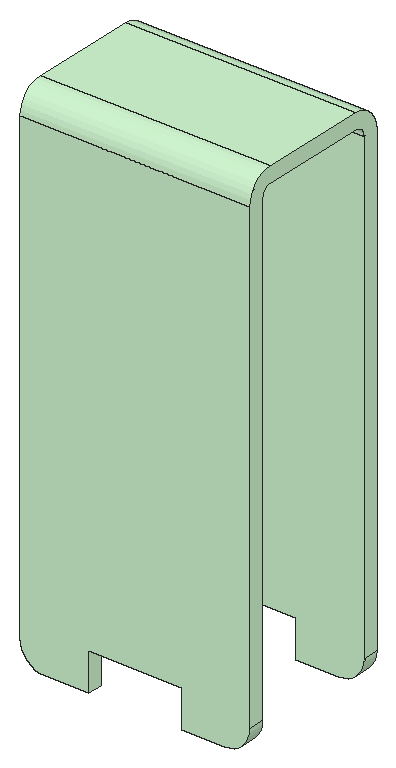
Revit family "CTクリップ用Sスペーサー", category 機械設備, Revit 2020
Family settings
  丸型コネクタ寸法 = 直径を使用
  種別 = なし
  パーツ タイプ = 標準
  作業面ベース = いいえ
  常に垂直 = はい
  ロード時にボイドで切り取り = いいえ
  共有 = いいえ
  部屋計算ポイント = いいえ
Parameters
  製造元 = "株式会社桐井製作所"
  既定の高さ = 0 mm
  URL = "https://www.kirii.co.jp/"
  K_材質 = "溶融亜鉛めっき鋼板及び鋼帯 SGCC 一般用"
  K_品名 = "CTクリップ用Sスペーサー"
  K_名称 = "スペーサー"
  K_入数 = "1200"
  K_バージョン情報 = "20220411"
  K_めっき付着量 = "Z12"
  K_JIS規格 = "JIS G 3302"
Reference planes
  plane 1 "中心(正面/背面)": y = 0
  plane 2: z = 0
  plane 3 "中心(左/右)": x = 0
Forms (mm)
  Extrusion 1, solid
    sketch origin (0, 0, 0) x (0, 1, 0) y (0, 0, 1)
      loop
        line (-4.25, 36.8) -> (4.25, 36.8)
        arc (4.25, 36.8) -> (4.816, 36.566) -> (5.05, 36) r 0.8
        line (5.05, 36) -> (5.05, -3) -> (6.25, -3) -> (6.25, 36)
        arc (6.25, 36) -> (5.664, 37.414) -> (4.25, 38) r 2
        line (4.25, 38) -> (-4.25, 38)
        arc (-4.25, 38) -> (-5.664, 37.414) -> (-6.25, 36) r 2
        line (-6.25, 36) -> (-6.25, -3) -> (-5.05, -3) -> (-5.05, 36)
        arc (-5.05, 36) -> (-4.816, 36.566) -> (-4.25, 36.8) r 0.8
    from -9.1 to 9.1
  Extrusion 2, void
    sketch origin (0, 0, 0) x (1, 0, 0) y (0, 0, 1)
      loop
        line (-9.1, -1) -> (-9.1, -3) -> (-7.1, -3)
        arc (-7.1, -3) -> (-8.514, -2.414) -> (-9.1, -1) r 2
    from -6.25 to -5.05
  Extrusion 3, void
    sketch origin (0, 0, 0) x (-1, 0, 0) y (0, 0, -1)
      loop
        arc (-9.1, 1) -> (-8.514, 2.414) -> (-7.1, 3) r 2
        line (-7.1, 3) -> (-9.1, 3) -> (-9.1, 1)
    from -6.25 to -5.05
  Extrusion 4, void
    sketch origin (0, 0, 0) x (1, 0, 0) y (0, 0, -1)
      loop
        arc (-9.1, 1) -> (-8.514, 2.414) -> (-7.1, 3) r 2
        line (-7.1, 3) -> (-9.1, 3) -> (-9.1, 1)
    from -6.25 to -5.05
  Extrusion 5, void
    sketch origin (0, 0, 0) x (-1, 0, 0) y (0, 0, 1)
      loop
        line (-9.1, -1) -> (-9.1, -3) -> (-7.1, -3)
        arc (-7.1, -3) -> (-8.514, -2.414) -> (-9.1, -1) r 2
    from -6.25 to -5.05
  Extrusion 6, void
    sketch origin (0, 0, 0) x (1, 0, 0) y (0, 0, 1)
      loop
        line (-3.7, -3) -> (3.7, -3) -> (3.7, 0) -> (-3.7, 0) -> (-3.7, -3)
    from -6.25 to -5.05
  Extrusion 7, void
    sketch origin (0, -11.3, 0) x (1, 0, 0) y (0, 0, 1)
      loop
        line (-3.7, -3) -> (3.7, -3) -> (3.7, 0) -> (-3.7, 0) -> (-3.7, -3)
    from -6.25 to -5.05
Cuts and joins
  Extrusion 2, Extrusion 3, Extrusion 4, Extrusion 5, Extrusion 6, Extrusion 7 cuts Extrusion 1
Dimensions and locks
  aligned and locked: level to plane 2
